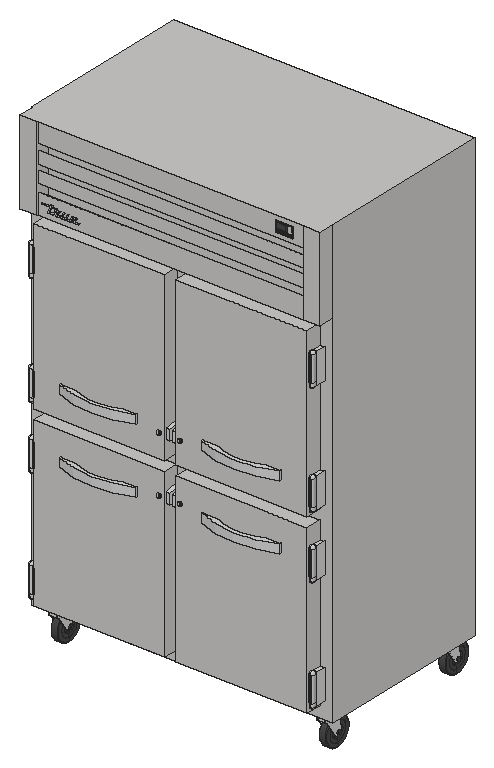
Revit family "QF_TRUE_STG2H-4HS", category Specialty Equipment, Revit 2012
Parameters
  Weight in Pounds = 0
  Watts = 3000 W
  Volts = 208 V
  URL Cutsheet = "www.truemfg.com"
  URL = "www.truemfg.com"
  Type Mark [instance] = ""
  Type Comments = ""
  Status [instance] = ""
  Specification by User [instance] = ""
  Specification by Manufacturer = ""
  Show Seismic Flanged [instance] = no
  Show Logo [instance] = yes
  Show Legs [instance] = no
  Show Clearance [instance] = yes
  Serial Number = ""
  Seismic Rating = ""
  Seismic Plate [instance] = and(Show Seismic Flanged, not(Show Casters))  # no
  SMACNA No = ""
  Revision Code [instance] = ""
  Phase = 1
  Omniclass Number and Title = ""
  Number of Poles [instance] = 1
  NAFEM Spec ID Number = ""
  Model = "STG2H-4HS"
  Min Ckt Ampacity = 0 A
  Max Overcurrent Protection = 0 A
  Masterspec = ""
  Manufacturer = "TRUE FOOD SERVICE EQUIPMENT, INC."
  Length = 52 5/8"
  Legs [instance] = or(Show Legs, Show Seismic Flanged)  # no
  Item Number [instance] = ""
  Installed By [instance] = ""
  Identify Quantity as Lot [instance] = yes
  Height = 77 3/4"
  HP = ""
  Furnished By [instance] = ""
  Foodservice Equipment Identifier [instance] = yes
  FL Amps = Watts / Volts  # 14.4231 A
  Electrical Remarks [instance] = "208-240/60/1"
  Electric Connection Type [instance] = ""
  Elec Conn RI Height [instance] = 0"
  Elec Conn Connection Height [instance] = 0"
  Description = "REACH-IN SOLID HALF SWING DOOR HEATED CABINETS WITH LED LIGHTING"
  Depth = 33 3/4"
  Cycle = 60 Hz
  Conn Plug = ""
  Conn Conduit = yes
  Show Casters [instance] = and(not(if(Show Legs, Show Legs, Show Legs)), not(if(Show Legs, Show Legs, Show Seismic Flanged)))  # yes
  CSI MasterFormat = ""
  CSI Master Format = ""
  Apparent Power = if(Phase = 3, Volts * FL Amps * 1.73, Volts * FL Amps)  # 3000 VA
Reference planes (in)
  plane 1 "BACK": y = 0
  plane 2: z = 0
  plane 3 "LEFT": x = 0
  plane 4 "RIGHT": x = 52.625
  plane 5 "FRONT": y = -33.75
  plane 6 "TOP": z = 84.125
  plane 7: z = 6.125
  plane 8: x = 26.3125
  plane 9: x = 3
  plane 10: x = 49.9375
  plane 11: y = -33.7042
  plane 12: x = 26.46875
  plane 13: y = -56.78125
Forms (in)
  Extrusion 1, solid, material "QF_Finishes_Stainless Steel"
    sketch origin (0.05, 0, 0) x (1, 0, 0) y (0, 1, 0)
      loop
        line (-0.05, 0) -> (-0.05, -31) -> (2.35625, -31) -> (2.35625, 0) -> (-0.05, 0)
    from 6.125 to 84.125
  Extrusion 2, solid, material "QF_Finishes_Stainless Steel"
    sketch origin (50.15, 0, 0) x (1, 0, 0) y (0, 1, 0)
      loop
        line (0.225, 0) -> (0.225, -31) -> (2.475, -31) -> (2.475, 0) -> (0.225, 0)
    from 6.125 to 84.125
  Extrusion 3, solid, material "QF_Finishes_Stainless Steel"
    sketch origin (0, 0, 0) x (0, 1, 0) y (0, 0, 1)
      loop
        line (-33.7042, 69.5) -> (-31, 69.5) -> (-31, 6.125) -> (0, 6.125) -> (0, 84.125) -> (-33.7042, 84.125) -> (-33.7042, 80.78078) -> (-31.5, 79.21352) -> (-31.5, 78.09125) -> (-33.7042, 79.65851) -> (-33.7042, 77.5248) -> (-31.5, 75.95754) -> (-31.5, 74.99678) -> (-33.7042, 76.56404) -> (-33.7042, 74.46784) -> (-31.5, 72.90057) -> (-31.5, 71.625) -> (-33.7042, 73.19226) -> (-33.7042, 69.5)
    from 2.25 to 50.375
  Extrusion 4, solid, material "QF_Finishes_Stainless Steel"
    sketch origin (0, 0, 0) x (1, 0, 0) y (0, 1, 0)
      loop
        line (52.54687, -31) -> (49.66032, -31) -> (49.66032, -33.75) -> (52.54687, -33.75) -> (52.54687, -31)
    from 69.5 to 84.125
  Extrusion 5, solid, material "QF_Finishes_Stainless Steel"
    sketch origin (-50.125, 0, 0.25) x (1, 0, 0) y (0, 1, 0)
      loop
        line (53.20984, -31) -> (50.20312, -31) -> (50.20312, -33.75) -> (53.20984, -33.75) -> (53.20984, -31)
    from 69.25 to 83.875
  Extrusion 6, solid, material "QF_Finishes_Stainless Steel"
    sketch origin (0, 0, -0.71875) x (1, 0, 0) y (0, 0, 1)
      loop
        line (2.4375, 68.6875) -> (2.4375, 39.59375) -> (25.375, 39.59375) -> (25.375, 68.6875) -> (2.4375, 68.6875)
      loop
        line (50.34375, 68.6875) -> (27.40625, 68.6875) -> (27.40625, 39.59375) -> (50.34375, 39.59375) -> (50.34375, 68.6875)
      loop
        line (2.4375, 8.75) -> (25.375, 8.75) -> (25.375, 37.84375) -> (2.4375, 37.84375) -> (2.4375, 8.75)
      loop
        line (27.40625, 8.75) -> (50.34375, 8.75) -> (50.34375, 37.84375) -> (27.40625, 37.84375) -> (27.40625, 8.75)
    from 31 to 33.75
  Extrusion 7, solid, material "QF_Finishes_Handrails and Railings"
    sketch origin (85.95, -0.25, 32.09144) x (1, 0, 0) y (0, 1, 0)
      loop
        line (-53.875, -33.5) -> (-53.875, -33.7)
        arc (-53.875, -33.7) -> (-47.075, -35.14405) -> (-40.275, -33.7) r 16.7325
        line (-40.275, -33.7) -> (-40.275, -33.5) -> (-42.675, -33.5)
        arc (-42.675, -33.5) -> (-47.075, -34.65816) -> (-51.475, -33.5) r 8.93715
        line (-51.475, -33.5) -> (-53.875, -33.5)
    from 10.87731 to 12.37731
  Extrusion 8, solid, material "QF_Finishes_Handrails and Railings"
    sketch origin (1.75, 0, 2.875) x (1, 0, 0) y (0, 0, 1)
      loop
        circle (22.6875, 40.0625) r 0.35
      loop
        line (22.65235, 40.33635) -> (22.65235, 39.76895) -> (22.70785, 39.76895) -> (22.70785, 40.33635) -> (22.65235, 40.33635)
      loop
        circle (26.3125, 40.0625) r 0.35
      loop
        line (26.34765, 40.33635) -> (26.29215, 40.33635) -> (26.29215, 39.76895) -> (26.34765, 39.76895) -> (26.34765, 40.33635)
    from 33.5 to 33.83066
  Extrusion 9, solid, material "QF_Finishes_Handrails and Railings", visible <- "Show Logo"
    sketch origin (0.33478, 1.08173, -6.73143) x (1, 0, 0) y (0, 0, 1)
      loop
        line (3.61669, 78.46231) -> (3.51103, 78.23573) -> (4.91652, 78.23573)
        arc (4.91652, 78.23573) -> (4.94504, 78.18528) -> (4.91652, 78.13484) r 0.05887
        line (4.91652, 78.13484) -> (4.54994, 77.34872)
        arc (4.54994, 77.34872) -> (4.54676, 77.27591) -> (4.596, 77.22217) r 0.09523
        line (4.596, 77.22217) -> (5.49469, 77.22217)
        arc (5.49469, 77.22217) -> (5.60817, 77.25795) -> (5.68061, 77.35235) r 0.19785
        line (5.68061, 77.35235) -> (5.9691, 77.97101) -> (6.23415, 77.97101)
        arc (6.23415, 77.97101) -> (6.30369, 77.94543) -> (6.29362, 77.87203) r 0.05911
        line (6.29362, 77.87203) -> (6.05223, 77.35437)
        arc (6.05223, 77.35437) -> (6.05599, 77.2684) -> (6.12856, 77.22217) r 0.09318
        line (6.12856, 77.22217) -> (6.91823, 77.22217)
        arc (6.91823, 77.22217) -> (6.97874, 77.24419) -> (7.01093, 77.29995) r 0.09412
        arc (7.01093, 77.29995) -> (7.03371, 77.24495) -> (7.08871, 77.22217) r 0.07778
        line (7.08871, 77.22217) -> (7.58871, 77.22217)
        arc (7.58871, 77.22217) -> (7.64647, 77.23765) -> (7.68876, 77.27993) r 0.11552
        arc (7.68876, 77.27993) -> (7.709, 77.23106) -> (7.75787, 77.21081) r 0.06912
        line (7.75787, 77.21081) -> (8.4685, 77.21081)
        arc (8.4685, 77.21081) -> (8.52659, 77.23488) -> (8.55066, 77.29297) r 0.08216
        arc (8.55066, 77.29297) -> (8.60392, 77.23972) -> (8.67667, 77.22022) r 0.14551
        line (8.67667, 77.22022) -> (10.00783, 77.22022) -> (10.15571, 77.47634) -> (8.81303, 77.47634)
        arc (8.81303, 77.47634) -> (8.77597, 77.50204) -> (8.77459, 77.54711) r 0.05009
        line (8.77459, 77.54711) -> (8.79782, 77.59692)
        arc (8.79782, 77.59692) -> (8.83348, 77.64364) -> (8.88952, 77.66135) r 0.09747
        line (8.88952, 77.66135) -> (9.3211, 77.66135)
        arc (9.3211, 77.66135) -> (9.41425, 77.68631) -> (9.48244, 77.7545) r 0.1863
        line (9.48244, 77.7545) -> (9.60744, 77.97101)
        arc (9.60744, 77.97101) -> (9.60744, 78.08657) -> (9.50736, 78.14434) r 0.11556
        line (9.50736, 78.14434) -> (9.05187, 78.14434)
        arc (9.05187, 78.14434) -> (8.93575, 78.12462) -> (8.85474, 78.03912) r 0.18605
        line (8.85474, 78.03912) -> (8.63829, 77.57493)
        arc (8.63829, 77.57493) -> (8.5744, 77.49167) -> (8.47431, 77.46011) r 0.1745
        line (8.47431, 77.46011) -> (8.00184, 77.46011)
        arc (8.00184, 77.46011) -> (7.94528, 77.52184) -> (7.94893, 77.60548) r 0.10939
        line (7.94893, 77.60548) -> (8.2002, 78.14434) -> (8.04028, 78.14434) -> (7.77406, 77.57344)
        arc (7.77406, 77.57344) -> (7.72234, 77.50603) -> (7.6413, 77.48048) r 0.14128
        line (7.6413, 77.48048) -> (7.3155, 77.48048)
        arc (7.3155, 77.48048) -> (7.26044, 77.55223) -> (7.27225, 77.64189) r 0.11816
        line (7.27225, 77.64189) -> (7.50655, 78.14434) -> (7.34139, 78.14434) -> (7.07171, 77.566)
        arc (7.07171, 77.566) -> (7.0091, 77.50339) -> (6.92358, 77.48048) r 0.17104
        line (6.92358, 77.48048) -> (6.4518, 77.48048)
        arc (6.4518, 77.48048) -> (6.36707, 77.51999) -> (6.35892, 77.61313) r 0.0935
        line (6.35892, 77.61313) -> (6.51399, 77.94569) -> (6.7332, 77.94569)
        arc (6.7332, 77.94569) -> (6.7702, 78.05717) -> (6.84892, 78.14434) r 0.2857
        line (6.84892, 78.14434) -> (5.9923, 78.14434)
        arc (5.9923, 78.14434) -> (5.89711, 78.12324) -> (5.83123, 78.05135) r 0.16212
        line (5.83123, 78.05135) -> (5.59904, 77.55341)
        arc (5.59904, 77.55341) -> (5.54565, 77.50002) -> (5.47272, 77.48048) r 0.14586
        line (5.47272, 77.48048) -> (4.96131, 77.48048)
        arc (4.96131, 77.48048) -> (4.92139, 77.53442) -> (4.92899, 77.60109) r 0.09155
        line (4.92899, 77.60109) -> (5.26643, 78.23573) -> (6.1178, 78.23573) -> (6.22346, 78.46231) -> (5.37209, 78.46231) -> (5.47774, 78.68888) -> (5.17487, 78.68888) -> (5.06922, 78.46231) -> (3.61669, 78.46231)
      loop
        arc (8.9943, 77.93863) -> (8.95744, 77.92875) -> (8.93045, 77.90176) r 0.07373
        line (8.93045, 77.90176) -> (8.90854, 77.83436)
        arc (8.90854, 77.83436) -> (8.9187, 77.80983) -> (8.94324, 77.79966) r 0.0347
        line (8.94324, 77.79966) -> (9.31573, 77.79966)
        arc (9.31573, 77.79966) -> (9.34257, 77.80561) -> (9.36437, 77.82234) r 0.0635
        line (9.36437, 77.82234) -> (9.38249, 77.90622)
        arc (9.38249, 77.90622) -> (9.37716, 77.92868) -> (9.35634, 77.93863) r 0.02676
        line (9.35634, 77.93863) -> (8.9943, 77.93863)
    from 34.76797 to 34.83173
  Extrusion 10, solid
    sketch origin (0, 0, 0) x (1, 0, 0) y (0, 0, 1)
      loop
        circle (49.53125, 82) r 0.25
    from 0 to 0.0625
  Extrusion 11, solid, material "QF_Finishes_Handrails and Railings"
    sketch origin (-33.16875, -0.25, 32.09144) x (1, 0, 0) y (0, 1, 0)
      loop
        line (53.71875, -33.5) -> (51.31875, -33.5)
        arc (51.31875, -33.5) -> (47.075, -34.58228) -> (42.83125, -33.5) r 8.86127
        line (42.83125, -33.5) -> (40.43125, -33.5) -> (40.43125, -33.7)
        arc (40.43125, -33.7) -> (47.075, -35.08117) -> (53.71875, -33.7) r 16.66961
        line (53.71875, -33.7) -> (53.71875, -33.5)
    from 10.87731 to 12.37731
  Blend 12, solid, material "QF_Finishes_Handrails and Railings"
    base sketch origin (0.125, 0, 4.875) x (1, 0, 0) y (0, 0, 1)
      loop
        line (25.25, 38.99169) -> (25.25, 37.24169) -> (26, 37.24169) -> (26, 38.99169) -> (25.25, 38.99169)
    top sketch origin (0.125, 0, 4.875) x (1, 0, 0) y (0, 0, 1)
      loop
        line (26.18223, 36.6441) -> (26.18223, 39.42643) -> (25.25, 39.42643) -> (25.25, 36.6441) -> (26.18223, 36.6441)
    from 33.57883 to 31
  Blend 13, solid, material "QF_Finishes_Handrails and Railings"
    base sketch origin (52.65625, 0, 4.875) x (-1, 0, 0) y (0, 0, -1)
      loop
        line (25.25, -38.99169) -> (26, -38.99169) -> (26, -37.24169) -> (25.25, -37.24169) -> (25.25, -38.99169)
    top sketch origin (52.65625, 0, 4.875) x (-1, 0, 0) y (0, 0, -1)
      loop
        line (26.18223, -36.6441) -> (25.25, -36.6441) -> (25.25, -39.42643) -> (26.18223, -39.42643) -> (26.18223, -36.6441)
    from 33.57883 to 31
  Extrusion 14, solid, material "QF_Finishes_Handrails and Railings"
    sketch origin (1.28125, 0, 0) x (0, 1, 0) y (0, 0, 1)
      loop
        line (-31, 64.55229) -> (-32.61044, 64.55229)
        arc (-32.61044, 64.55229) -> (-32.75506, 64.49238) -> (-32.81497, 64.34776) r 0.20453
        line (-32.81497, 64.34776) -> (-32.81497, 59.94848) -> (-33.25, 59.94848) -> (-33.25, 59.23627) -> (-31, 59.23627) -> (-31, 64.55229)
    from 0.17506 to 1
  Revolve 15, solid, material "QF_Finishes_Handrails and Railings"
    sketch origin (1.78125, 0, 0) x (0, 1, 0) y (0, 0, 1)
      loop
        line (-33.26563, 60.00189) -> (-33.26563, 64.81483)
        arc (-33.26563, 64.81483) -> (-33.53722, 64.72557) -> (-33.67229, 64.4736) r 0.3848
        line (-33.67229, 64.4736) -> (-33.67229, 60.00189) -> (-33.26563, 60.00189)
      loop
        line (-33.26563, 59.94848) -> (-33.67229, 59.94848) -> (-33.67229, 59.37712)
        arc (-33.67229, 59.37712) -> (-33.53264, 59.13383) -> (-33.26563, 59.04781) r 0.38884
        line (-33.26563, 59.04781) -> (-33.26563, 59.94848)
      axis (-33.26563, 59.04781) -> (-33.26563, 64.81483)
    angle from 0 to 360
  Extrusion 16, solid, material "QF_Finishes_Handrails and Railings"
    sketch origin (-0.03125, 0, 0) x (1, 0, 0) y (0, 0, 1)
      loop
        line (2.07116, 64.4736) -> (2.07116, 60.00079) -> (2.46875, 60.00079) -> (2.46875, 64.4736) -> (2.07116, 64.4736)
    from 32.81497 to 33.59495
  Extrusion 17, solid, material "QF_Finishes_Handrails and Railings"
    sketch origin (1.28125, 0, -19.5) x (0, 1, 0) y (0, 0, 1)
      loop
        line (-31, 64.55229) -> (-32.61044, 64.55229)
        arc (-32.61044, 64.55229) -> (-32.75506, 64.49238) -> (-32.81497, 64.34776) r 0.20453
        line (-32.81497, 64.34776) -> (-32.81497, 59.94848) -> (-33.25, 59.94848) -> (-33.25, 59.23627) -> (-31, 59.23627) -> (-31, 64.55229)
    from 0.17506 to 1
  Revolve 18, solid, material "QF_Finishes_Handrails and Railings"
    sketch origin (1.78125, 0, -19.5) x (0, 1, 0) y (0, 0, 1)
      loop
        line (-33.26563, 60.00189) -> (-33.26563, 64.81483)
        arc (-33.26563, 64.81483) -> (-33.53722, 64.72557) -> (-33.67229, 64.4736) r 0.3848
        line (-33.67229, 64.4736) -> (-33.67229, 60.00189) -> (-33.26563, 60.00189)
      loop
        line (-33.26563, 59.94848) -> (-33.67229, 59.94848) -> (-33.67229, 59.37712)
        arc (-33.67229, 59.37712) -> (-33.53264, 59.13383) -> (-33.26563, 59.04781) r 0.38884
        line (-33.26563, 59.04781) -> (-33.26563, 59.94848)
      axis (-33.26563, 59.04781) -> (-33.26563, 64.81483)
    angle from 0 to 360
  Extrusion 19, solid, material "QF_Finishes_Handrails and Railings"
    sketch origin (-0.03125, 0, -19.5) x (1, 0, 0) y (0, 0, 1)
      loop
        line (2.07116, 64.4736) -> (2.07116, 60.00079) -> (2.46875, 60.00079) -> (2.46875, 64.4736) -> (2.07116, 64.4736)
    from 32.81497 to 33.59495
  Extrusion 20, solid, material "QF_Finishes_Handrails and Railings"
    sketch origin (1.28125, 0, -30.5) x (0, 1, 0) y (0, 0, 1)
      loop
        line (-31, 64.55229) -> (-32.61044, 64.55229)
        arc (-32.61044, 64.55229) -> (-32.75506, 64.49238) -> (-32.81497, 64.34776) r 0.20453
        line (-32.81497, 64.34776) -> (-32.81497, 59.94848) -> (-33.25, 59.94848) -> (-33.25, 59.23627) -> (-31, 59.23627) -> (-31, 64.55229)
    from 0.17506 to 1
  Revolve 21, solid, material "QF_Finishes_Handrails and Railings"
    sketch origin (1.78125, 0, -30.5) x (0, 1, 0) y (0, 0, 1)
      loop
        line (-33.26563, 60.00189) -> (-33.26563, 64.81483)
        arc (-33.26563, 64.81483) -> (-33.53722, 64.72557) -> (-33.67229, 64.4736) r 0.3848
        line (-33.67229, 64.4736) -> (-33.67229, 60.00189) -> (-33.26563, 60.00189)
      loop
        line (-33.26563, 59.94848) -> (-33.67229, 59.94848) -> (-33.67229, 59.37712)
        arc (-33.67229, 59.37712) -> (-33.53264, 59.13383) -> (-33.26563, 59.04781) r 0.38884
        line (-33.26563, 59.04781) -> (-33.26563, 59.94848)
      axis (-33.26563, 59.04781) -> (-33.26563, 64.81483)
    angle from 0 to 360
  Extrusion 22, solid, material "QF_Finishes_Handrails and Railings"
    sketch origin (-0.03125, 0, -30.5) x (1, 0, 0) y (0, 0, 1)
      loop
        line (2.07116, 64.4736) -> (2.07116, 60.00079) -> (2.46875, 60.00079) -> (2.46875, 64.4736) -> (2.07116, 64.4736)
    from 32.81497 to 33.59495
  Extrusion 23, solid, material "QF_Finishes_Handrails and Railings"
    sketch origin (1.28125, 0, -50.25) x (0, 1, 0) y (0, 0, 1)
      loop
        line (-31, 64.55229) -> (-32.61044, 64.55229)
        arc (-32.61044, 64.55229) -> (-32.75506, 64.49238) -> (-32.81497, 64.34776) r 0.20453
        line (-32.81497, 64.34776) -> (-32.81497, 59.94848) -> (-33.25, 59.94848) -> (-33.25, 59.23627) -> (-31, 59.23627) -> (-31, 64.55229)
    from 0.17506 to 1
  Revolve 24, solid, material "QF_Finishes_Handrails and Railings"
    sketch origin (1.78125, 0, -50.25) x (0, 1, 0) y (0, 0, 1)
      loop
        line (-33.26563, 60.00189) -> (-33.26563, 64.81483)
        arc (-33.26563, 64.81483) -> (-33.53722, 64.72557) -> (-33.67229, 64.4736) r 0.3848
        line (-33.67229, 64.4736) -> (-33.67229, 60.00189) -> (-33.26563, 60.00189)
      loop
        line (-33.26563, 59.94848) -> (-33.67229, 59.94848) -> (-33.67229, 59.37712)
        arc (-33.67229, 59.37712) -> (-33.53264, 59.13383) -> (-33.26563, 59.04781) r 0.38884
        line (-33.26563, 59.04781) -> (-33.26563, 59.94848)
      axis (-33.26563, 59.04781) -> (-33.26563, 64.81483)
    angle from 0 to 360
  Extrusion 25, solid, material "QF_Finishes_Handrails and Railings"
    sketch origin (-0.03125, 0, -50.25) x (1, 0, 0) y (0, 0, 1)
      loop
        line (2.07116, 64.4736) -> (2.07116, 60.00079) -> (2.46875, 60.00079) -> (2.46875, 64.4736) -> (2.07116, 64.4736)
    from 32.81497 to 33.59495
  Extrusion 26, solid, material "QF_Finishes_Handrails and Railings"
    sketch origin (51.34375, 0, 0) x (0, 1, 0) y (0, 0, -1)
      loop
        line (-31, -64.55229) -> (-31, -59.23627) -> (-33.25, -59.23627) -> (-33.25, -59.94848) -> (-32.81497, -59.94848) -> (-32.81497, -64.34776)
        arc (-32.81497, -64.34776) -> (-32.75506, -64.49238) -> (-32.61044, -64.55229) r 0.20453
        line (-32.61044, -64.55229) -> (-31, -64.55229)
    from 0.17506 to 1
  Revolve 27, solid, material "QF_Finishes_Handrails and Railings"
    sketch origin (50.84375, 0, 0) x (0, 1, 0) y (0, 0, -1)
      loop
        line (-33.26563, -60.00189) -> (-33.67229, -60.00189) -> (-33.67229, -64.4736)
        arc (-33.67229, -64.4736) -> (-33.53722, -64.72557) -> (-33.26563, -64.81483) r 0.3848
        line (-33.26563, -64.81483) -> (-33.26563, -60.00189)
      loop
        line (-33.26563, -59.94848) -> (-33.26563, -59.04781)
        arc (-33.26563, -59.04781) -> (-33.53264, -59.13383) -> (-33.67229, -59.37712) r 0.38884
        line (-33.67229, -59.37712) -> (-33.67229, -59.94848) -> (-33.26563, -59.94848)
      axis (-33.26563, -59.04781) -> (-33.26563, -64.81483)
    angle from 0 to 360
  Extrusion 28, solid, material "QF_Finishes_Handrails and Railings"
    sketch origin (52.65625, 0, 0) x (-1, 0, 0) y (0, 0, -1)
      loop
        line (1.75866, -64.4736) -> (2.15625, -64.4736) -> (2.15625, -60.00079) -> (1.75866, -60.00079) -> (1.75866, -64.4736)
    from 32.81497 to 33.59495
  Extrusion 29, solid, material "QF_Finishes_Handrails and Railings"
    sketch origin (51.34375, 0, -19.5) x (0, 1, 0) y (0, 0, -1)
      loop
        line (-31, -64.55229) -> (-31, -59.23627) -> (-33.25, -59.23627) -> (-33.25, -59.94848) -> (-32.81497, -59.94848) -> (-32.81497, -64.34776)
        arc (-32.81497, -64.34776) -> (-32.75506, -64.49238) -> (-32.61044, -64.55229) r 0.20453
        line (-32.61044, -64.55229) -> (-31, -64.55229)
    from 0.17506 to 1
  Revolve 30, solid, material "QF_Finishes_Handrails and Railings"
    sketch origin (50.84375, 0, -19.5) x (0, 1, 0) y (0, 0, -1)
      loop
        line (-33.26563, -60.00189) -> (-33.67229, -60.00189) -> (-33.67229, -64.4736)
        arc (-33.67229, -64.4736) -> (-33.53722, -64.72557) -> (-33.26563, -64.81483) r 0.3848
        line (-33.26563, -64.81483) -> (-33.26563, -60.00189)
      loop
        line (-33.26563, -59.94848) -> (-33.26563, -59.04781)
        arc (-33.26563, -59.04781) -> (-33.53264, -59.13383) -> (-33.67229, -59.37712) r 0.38884
        line (-33.67229, -59.37712) -> (-33.67229, -59.94848) -> (-33.26563, -59.94848)
      axis (-33.26563, -59.04781) -> (-33.26563, -64.81483)
    angle from 0 to 360
  Extrusion 31, solid, material "QF_Finishes_Handrails and Railings"
    sketch origin (52.65625, 0, -19.5) x (-1, 0, 0) y (0, 0, -1)
      loop
        line (1.75866, -64.4736) -> (2.15625, -64.4736) -> (2.15625, -60.00079) -> (1.75866, -60.00079) -> (1.75866, -64.4736)
    from 32.81497 to 33.59495
  Extrusion 32, solid, material "QF_Finishes_Handrails and Railings"
    sketch origin (51.34375, 0, -30.5) x (0, 1, 0) y (0, 0, -1)
      loop
        line (-31, -64.55229) -> (-31, -59.23627) -> (-33.25, -59.23627) -> (-33.25, -59.94848) -> (-32.81497, -59.94848) -> (-32.81497, -64.34776)
        arc (-32.81497, -64.34776) -> (-32.75506, -64.49238) -> (-32.61044, -64.55229) r 0.20453
        line (-32.61044, -64.55229) -> (-31, -64.55229)
    from 0.17506 to 1
  Revolve 33, solid, material "QF_Finishes_Handrails and Railings"
    sketch origin (50.84375, 0, -30.5) x (0, 1, 0) y (0, 0, -1)
      loop
        line (-33.26563, -60.00189) -> (-33.67229, -60.00189) -> (-33.67229, -64.4736)
        arc (-33.67229, -64.4736) -> (-33.53722, -64.72557) -> (-33.26563, -64.81483) r 0.3848
        line (-33.26563, -64.81483) -> (-33.26563, -60.00189)
      loop
        line (-33.26563, -59.94848) -> (-33.26563, -59.04781)
        arc (-33.26563, -59.04781) -> (-33.53264, -59.13383) -> (-33.67229, -59.37712) r 0.38884
        line (-33.67229, -59.37712) -> (-33.67229, -59.94848) -> (-33.26563, -59.94848)
      axis (-33.26563, -59.04781) -> (-33.26563, -64.81483)
    angle from 0 to 360
  Extrusion 34, solid, material "QF_Finishes_Handrails and Railings"
    sketch origin (52.65625, 0, -30.5) x (-1, 0, 0) y (0, 0, -1)
      loop
        line (1.75866, -64.4736) -> (2.15625, -64.4736) -> (2.15625, -60.00079) -> (1.75866, -60.00079) -> (1.75866, -64.4736)
    from 32.81497 to 33.59495
  Extrusion 35, solid, material "QF_Finishes_Handrails and Railings"
    sketch origin (51.34375, 0, -50.25) x (0, 1, 0) y (0, 0, -1)
      loop
        line (-31, -64.55229) -> (-31, -59.23627) -> (-33.25, -59.23627) -> (-33.25, -59.94848) -> (-32.81497, -59.94848) -> (-32.81497, -64.34776)
        arc (-32.81497, -64.34776) -> (-32.75506, -64.49238) -> (-32.61044, -64.55229) r 0.20453
        line (-32.61044, -64.55229) -> (-31, -64.55229)
    from 0.17506 to 1
  Revolve 36, solid, material "QF_Finishes_Handrails and Railings"
    sketch origin (50.84375, 0, -50.25) x (0, 1, 0) y (0, 0, -1)
      loop
        line (-33.26563, -60.00189) -> (-33.67229, -60.00189) -> (-33.67229, -64.4736)
        arc (-33.67229, -64.4736) -> (-33.53722, -64.72557) -> (-33.26563, -64.81483) r 0.3848
        line (-33.26563, -64.81483) -> (-33.26563, -60.00189)
      loop
        line (-33.26563, -59.94848) -> (-33.26563, -59.04781)
        arc (-33.26563, -59.04781) -> (-33.53264, -59.13383) -> (-33.67229, -59.37712) r 0.38884
        line (-33.67229, -59.37712) -> (-33.67229, -59.94848) -> (-33.26563, -59.94848)
      axis (-33.26563, -59.04781) -> (-33.26563, -64.81483)
    angle from 0 to 360
  Extrusion 37, solid, material "QF_Finishes_Handrails and Railings"
    sketch origin (52.65625, 0, -50.25) x (-1, 0, 0) y (0, 0, -1)
      loop
        line (1.75866, -64.4736) -> (2.15625, -64.4736) -> (2.15625, -60.00079) -> (1.75866, -60.00079) -> (1.75866, -64.4736)
    from 32.81497 to 33.59495
  Revolve 38, solid, material "QF_Finishes_Black", visible <- "Show Casters"
    sketch origin (47.78125, -27.375, 0) x (1, 0, 0) y (0, 0, 1)
      loop
        line (1.63125, 5) -> (1.53125, 4.9) -> (1.53125, 4.29941) -> (1.69226, 4.29941) -> (1.69226, 3.54941) -> (1.53125, 3.54941) -> (1.53125, 2.79941) -> (1.13125, 2.79941) -> (1.13125, 2.5) -> (3.18125, 2.5) -> (3.18125, 2.79941) -> (2.78533, 2.79941) -> (2.78533, 3.54941) -> (2.62024, 3.54941) -> (2.62024, 4.29941) -> (2.78533, 4.29941) -> (2.78533, 4.89592) -> (2.68125, 5) -> (1.63125, 5)
      axis (3.18125, 2.5) -> (1.13125, 2.5)
    angle from 0 to 360
  Extrusion 39, solid, material "QF_Finishes_Handrails and Railings", visible <- "Show Casters"
    sketch origin (47.78125, 0, 0) x (0, 1, 0) y (0, 0, 1)
      loop
        line (-29.95136, 5.48574) -> (-29.95136, 4.88089) -> (-29.70136, 4.88089) -> (-27.95216, 2.18736)
        arc (-27.95216, 2.18736) -> (-27.23883, 1.94868) -> (-26.84581, 2.59003) r 0.60416
        line (-26.84581, 2.59003) -> (-27.20136, 5.48574) -> (-29.95136, 5.48574)
      loop
        line (-3.8577, 5.48574) -> (-3.8577, 4.88089) -> (-3.6077, 4.88089) -> (-1.8585, 2.18736)
        arc (-1.8585, 2.18736) -> (-1.14517, 1.94868) -> (-0.75215, 2.59003) r 0.60416
        line (-0.75215, 2.59003) -> (-1.1077, 5.48574) -> (-3.8577, 5.48574)
    from 1.175 to 1.325
  Extrusion 40, solid, material "QF_Finishes_Handrails and Railings", visible <- "Show Casters"
    sketch origin (49.28125, 0, 0) x (0, 1, 0) y (0, 0, 1)
      loop
        line (-29.95136, 5.48574) -> (-29.95136, 4.88089) -> (-29.70136, 4.88089) -> (-27.95216, 2.18736)
        arc (-27.95216, 2.18736) -> (-27.23883, 1.94868) -> (-26.84581, 2.59003) r 0.60416
        line (-26.84581, 2.59003) -> (-27.20136, 5.48574) -> (-29.95136, 5.48574)
      loop
        line (-3.8577, 5.48574) -> (-3.8577, 4.88089) -> (-3.6077, 4.88089) -> (-1.8585, 2.18736)
        arc (-1.8585, 2.18736) -> (-1.14517, 1.94868) -> (-0.75215, 2.59003) r 0.60416
        line (-0.75215, 2.59003) -> (-1.1077, 5.48574) -> (-3.8577, 5.48574)
    from 1.175 to 1.325
  Revolve 41, solid, material "QF_Finishes_Chrome - Satin", visible <- "Show Casters"
    sketch origin (47.78125, -28.5625, -0.5) x (1, 0, 0) y (0, 0, 1)
      loop
        line (2.15625, 5.99546) -> (2.15625, 6.62359) -> (0.85918, 6.62359) -> (0.85918, 5.99546) -> (2.15625, 5.99546)
      axis (2.15625, 5.99546) -> (2.15625, 6.62359)
    angle from 0 to 360
  Revolve 42, solid, material "QF_Finishes_Chrome - Satin", visible <- "Legs"
    sketch origin (47.78125, -2.69102, 0) x (1, 0, 0) y (0, 0, 1)
      loop
        line (2.15625, 6.125) -> (0.82287, 6.125) -> (1.40625, 1) -> (1.65625, 1) -> (1.65625, 0) -> (2.15625, 0) -> (2.15625, 6.125)
      axis (2.15625, 0) -> (2.15625, 6.125)
    angle from 0 to 360
  Revolve 43, solid, material "QF_Finishes_Chrome - Satin", visible <- "Legs"
    sketch origin (47.78125, -28.65977, 0) x (1, 0, 0) y (0, 0, 1)
      loop
        line (2.15625, 6.125) -> (0.82287, 6.125) -> (1.40625, 1) -> (1.65625, 1) -> (1.65625, 0) -> (2.15625, 0) -> (2.15625, 6.125)
      axis (2.15625, 0) -> (2.15625, 6.125)
    angle from 0 to 360
  Revolve 44, solid, material "QF_Finishes_Chrome - Satin", visible <- "Show Casters"
    sketch origin (47.78125, -2.70321, -0.5) x (1, 0, 0) y (0, 0, 1)
      loop
        line (2.15625, 5.99546) -> (2.15625, 6.62359) -> (0.85918, 6.62359) -> (0.85918, 5.99546) -> (2.15625, 5.99546)
      axis (2.15625, 5.99546) -> (2.15625, 6.62359)
    angle from 0 to 360
  Extrusion 45, solid, material "QF_Finishes_Handrails and Railings", visible <- "Show Casters"
    sketch origin (0, 0, 0) x (0, 1, 0) y (0, 0, 1)
      loop
        line (-29.95136, 5.48574) -> (-29.95136, 4.88089) -> (-29.70136, 4.88089) -> (-27.16533, 5.19227) -> (-27.20136, 5.48574) -> (-29.95136, 5.48574)
      loop
        line (-3.8577, 5.48574) -> (-3.8577, 4.88089) -> (-3.6077, 4.88089) -> (-1.07167, 5.19227) -> (-1.1077, 5.48574) -> (-3.8577, 5.48574)
    from 49.10625 to 50.45625
  Revolve 46, solid, material "QF_Finishes_Black", visible <- "Show Casters"
    sketch origin (47.78125, -1.21875, 0) x (1, 0, 0) y (0, 0, 1)
      loop
        line (1.63125, 5) -> (1.53125, 4.9) -> (1.53125, 4.29941) -> (1.69226, 4.29941) -> (1.69226, 3.54941) -> (1.53125, 3.54941) -> (1.53125, 2.79941) -> (1.13125, 2.79941) -> (1.13125, 2.5) -> (3.18125, 2.5) -> (3.18125, 2.79941) -> (2.78533, 2.79941) -> (2.78533, 3.54941) -> (2.62024, 3.54941) -> (2.62024, 4.29941) -> (2.78533, 4.29941) -> (2.78533, 4.89592) -> (2.68125, 5) -> (1.63125, 5)
      axis (3.18125, 2.5) -> (1.13125, 2.5)
    angle from 0 to 360
  Revolve 47, solid, material "QF_Finishes_Black", visible <- "Show Casters"
    sketch origin (0.84375, -27.375, 0) x (1, 0, 0) y (0, 0, 1)
      loop
        line (1.63125, 5) -> (1.53125, 4.9) -> (1.53125, 4.29941) -> (1.69226, 4.29941) -> (1.69226, 3.54941) -> (1.53125, 3.54941) -> (1.53125, 2.79941) -> (0.975, 2.79941) -> (0.975, 2.5) -> (3.18125, 2.5) -> (3.18125, 2.79941) -> (2.78533, 2.79941) -> (2.78533, 3.54941) -> (2.62024, 3.54941) -> (2.62024, 4.29941) -> (2.78533, 4.29941) -> (2.78533, 4.89592) -> (2.68125, 5) -> (1.63125, 5)
      axis (3.18125, 2.5) -> (0.975, 2.5)
    angle from 0 to 360
  Extrusion 48, solid, material "QF_Finishes_Handrails and Railings", visible <- "Show Casters"
    sketch origin (0.84375, 0, 0) x (0, 1, 0) y (0, 0, 1)
      loop
        line (-29.95136, 5.48574) -> (-29.95136, 4.88089) -> (-29.70136, 4.88089) -> (-27.95216, 2.18736)
        arc (-27.95216, 2.18736) -> (-27.23883, 1.94868) -> (-26.84581, 2.59003) r 0.60416
        line (-26.84581, 2.59003) -> (-27.20136, 5.48574) -> (-29.95136, 5.48574)
      loop
        line (-3.8577, 5.48574) -> (-3.8577, 4.88089) -> (-3.6077, 4.88089) -> (-1.8585, 2.18736)
        arc (-1.8585, 2.18736) -> (-1.14517, 1.94868) -> (-0.75215, 2.59003) r 0.60416
        line (-0.75215, 2.59003) -> (-1.1077, 5.48574) -> (-3.8577, 5.48574)
    from 1.175 to 1.325
  Extrusion 49, solid, material "QF_Finishes_Handrails and Railings", visible <- "Show Casters"
    sketch origin (2.34375, 0, 0) x (0, 1, 0) y (0, 0, 1)
      loop
        line (-29.95136, 5.48574) -> (-29.95136, 4.88089) -> (-29.70136, 4.88089) -> (-27.95216, 2.18736)
        arc (-27.95216, 2.18736) -> (-27.23883, 1.94868) -> (-26.84581, 2.59003) r 0.60416
        line (-26.84581, 2.59003) -> (-27.20136, 5.48574) -> (-29.95136, 5.48574)
      loop
        line (-3.8577, 5.48574) -> (-3.8577, 4.88089) -> (-3.6077, 4.88089) -> (-1.8585, 2.18736)
        arc (-1.8585, 2.18736) -> (-1.14517, 1.94868) -> (-0.75215, 2.59003) r 0.60416
        line (-0.75215, 2.59003) -> (-1.1077, 5.48574) -> (-3.8577, 5.48574)
    from 1.175 to 1.325
  Revolve 50, solid, material "QF_Finishes_Chrome - Satin", visible <- "Show Casters"
    sketch origin (0.84375, -28.5625, -0.5) x (1, 0, 0) y (0, 0, 1)
      loop
        line (2.15625, 5.99546) -> (2.15625, 6.62359) -> (0.85918, 6.62359) -> (0.85918, 5.99546) -> (2.15625, 5.99546)
      axis (2.15625, 5.99546) -> (2.15625, 6.62359)
    angle from 0 to 360
  Revolve 51, solid, material "QF_Finishes_Chrome - Satin", visible <- "Legs"
    sketch origin (0.84375, -2.69102, 0) x (1, 0, 0) y (0, 0, 1)
      loop
        line (2.15625, 6.125) -> (0.82287, 6.125) -> (1.40625, 1) -> (1.65625, 1) -> (1.65625, 0) -> (2.15625, 0) -> (2.15625, 6.125)
      axis (2.15625, 0) -> (2.15625, 6.125)
    angle from 0 to 360
  Revolve 52, solid, material "QF_Finishes_Chrome - Satin", visible <- "Legs"
    sketch origin (0.84375, -28.65977, 0) x (1, 0, 0) y (0, 0, 1)
      loop
        line (2.15625, 6.125) -> (0.82287, 6.125) -> (1.40625, 1) -> (1.65625, 1) -> (1.65625, 0) -> (2.15625, 0) -> (2.15625, 6.125)
      axis (2.15625, 0) -> (2.15625, 6.125)
    angle from 0 to 360
  Revolve 53, solid, material "QF_Finishes_Chrome - Satin", visible <- "Show Casters"
    sketch origin (0.84375, -2.70321, -0.5) x (1, 0, 0) y (0, 0, 1)
      loop
        line (2.15625, 5.99546) -> (2.15625, 6.62359) -> (0.85918, 6.62359) -> (0.85918, 5.99546) -> (2.15625, 5.99546)
      axis (2.15625, 5.99546) -> (2.15625, 6.62359)
    angle from 0 to 360
  Extrusion 54, solid, material "QF_Finishes_Handrails and Railings", visible <- "Show Casters"
    sketch origin (-46.9375, 0, 0) x (0, 1, 0) y (0, 0, 1)
      loop
        line (-29.95136, 5.48574) -> (-29.95136, 4.88089) -> (-29.70136, 4.88089) -> (-27.16533, 5.19227) -> (-27.20136, 5.48574) -> (-29.95136, 5.48574)
      loop
        line (-3.8577, 5.48574) -> (-3.8577, 4.88089) -> (-3.6077, 4.88089) -> (-1.07167, 5.19227) -> (-1.1077, 5.48574) -> (-3.8577, 5.48574)
    from 49.10625 to 50.45625
  Revolve 55, solid, material "QF_Finishes_Black", visible <- "Show Casters"
    sketch origin (0.84375, -1.21875, 0) x (1, 0, 0) y (0, 0, 1)
      loop
        line (1.63125, 5) -> (1.53125, 4.9) -> (1.53125, 4.29941) -> (1.69226, 4.29941) -> (1.69226, 3.54941) -> (1.53125, 3.54941) -> (1.53125, 2.79941) -> (0.975, 2.79941) -> (0.975, 2.5) -> (3.18125, 2.5) -> (3.18125, 2.79941) -> (2.78533, 2.79941) -> (2.78533, 3.54941) -> (2.62024, 3.54941) -> (2.62024, 4.29941) -> (2.78533, 4.29941) -> (2.78533, 4.89592) -> (2.68125, 5) -> (1.63125, 5)
      axis (3.18125, 2.5) -> (0.975, 2.5)
    angle from 0 to 360
  Extrusion 56, solid, material "QF_Finishes_White"
    sketch origin (1.49925, 1.06376, 1.58022) x (1, 0, 0) y (0, 0, 1)
      loop
        line (43.31732, 81.73227) -> (43.31732, 79.98496) -> (46.22357, 79.98496) -> (46.22357, 81.73227) -> (43.31732, 81.73227)
    from 34.75 to 34.76797
  Extrusion 57, solid, material "QF_Finishes_Black"
    sketch origin (1.49925, 1.06376, 1.58022) x (1, 0, 0) y (0, 0, 1)
      loop
        line (46.28607, 81.79477) -> (43.25482, 81.79477) -> (43.25482, 79.92246) -> (46.28607, 79.92246) -> (46.28607, 81.79477)
      loop
        spline (43.45482, 80.25372) -> (43.46333, 80.23754) -> (43.48831, 80.22247) -> (43.52804, 80.20952) -> (43.57982, 80.19959) -> (43.64011, 80.19335) -> (43.70482, 80.19122) -> (43.76952, 80.19335) -> (43.82982, 80.19959) -> (43.88159, 80.20952) -> (43.92132, 80.22247) -> (43.9463, 80.23754) -> (43.95482, 80.25372)
        spline (43.95482, 80.25372) -> (43.9463, 80.26989) -> (43.92132, 80.28497) -> (43.88159, 80.29791) -> (43.82982, 80.30784) -> (43.76952, 80.31409) -> (43.70482, 80.31622) -> (43.64011, 80.31409) -> (43.57982, 80.30784) -> (43.52804, 80.29791) -> (43.48831, 80.28497) -> (43.46333, 80.26989) -> (43.45482, 80.25372)
      loop
        spline (44.15083, 80.25372) -> (44.15935, 80.23754) -> (44.18432, 80.22247) -> (44.22405, 80.20952) -> (44.27583, 80.19959) -> (44.33612, 80.19335) -> (44.40083, 80.19122) -> (44.46553, 80.19335) -> (44.52583, 80.19959) -> (44.57761, 80.20952) -> (44.61734, 80.22247) -> (44.64231, 80.23754) -> (44.65083, 80.25372)
        spline (44.65083, 80.25372) -> (44.64231, 80.26989) -> (44.61734, 80.28497) -> (44.57761, 80.29791) -> (44.52583, 80.30784) -> (44.46553, 80.31409) -> (44.40083, 80.31622) -> (44.33612, 80.31409) -> (44.27583, 80.30784) -> (44.22405, 80.29791) -> (44.18432, 80.28497) -> (44.15935, 80.26989) -> (44.15083, 80.25372)
      loop
        spline (44.90083, 80.25372) -> (44.90935, 80.23754) -> (44.93432, 80.22247) -> (44.97405, 80.20952) -> (45.02583, 80.19959) -> (45.08612, 80.19335) -> (45.15083, 80.19122) -> (45.21553, 80.19335) -> (45.27583, 80.19959) -> (45.32761, 80.20952) -> (45.36734, 80.22247) -> (45.39231, 80.23754) -> (45.40083, 80.25372)
        spline (45.40083, 80.25372) -> (45.39231, 80.26989) -> (45.36734, 80.28497) -> (45.32761, 80.29791) -> (45.27583, 80.30784) -> (45.21553, 80.31409) -> (45.15083, 80.31622) -> (45.08612, 80.31409) -> (45.02583, 80.30784) -> (44.97405, 80.29791) -> (44.93432, 80.28497) -> (44.90935, 80.26989) -> (44.90083, 80.25372)
      loop
        line (43.45481, 81.59478) -> (43.45481, 80.59478) -> (45.15433, 80.59478) -> (45.15433, 81.59478) -> (43.45481, 81.59478)
      loop
        line (46.22357, 81.73227) -> (43.31732, 81.73227) -> (43.31732, 79.98496) -> (46.22357, 79.98496) -> (46.22357, 81.73227)
      loop
        spline (45.65083, 80.25372) -> (45.65935, 80.23754) -> (45.68432, 80.22247) -> (45.72405, 80.20952) -> (45.77583, 80.19959) -> (45.83612, 80.19335) -> (45.90083, 80.19122) -> (45.96553, 80.19335) -> (46.02583, 80.19959) -> (46.07761, 80.20952) -> (46.11734, 80.22247) -> (46.14231, 80.23754) -> (46.15083, 80.25372)
        spline (46.15083, 80.25372) -> (46.14231, 80.26989) -> (46.11734, 80.28497) -> (46.07761, 80.29791) -> (46.02583, 80.30784) -> (45.96553, 80.31409) -> (45.90083, 80.31622) -> (45.83612, 80.31409) -> (45.77583, 80.30784) -> (45.72405, 80.29791) -> (45.68432, 80.28497) -> (45.65935, 80.26989) -> (45.65083, 80.25372)
    from 34.76797 to 34.80335
  Extrusion 58, solid, material "QF_Door-Drawer Clearances", visible <- "Show Clearance", detail levels coarse
    sketch origin (0.66534, -3.6098, 0) x (-1, 0, 0) y (0, -1, 0)
      loop
        line (-1.77216, 30.1402) -> (-1.77216, 53.17145)
        arc (-1.77216, 53.17145) -> (-17.9362, 46.33201) -> (-24.70966, 30.1402) r 23.24362
        line (-24.70966, 30.1402) -> (-1.77216, 30.1402)
      loop
        arc (-26.74091, 30.1402) -> (-33.49828, 46.34803) -> (-49.67841, 53.17145) r 23.18689
        line (-49.67841, 53.17145) -> (-49.67841, 30.1402) -> (-26.74091, 30.1402)
    from 38.875 to 67.96875
  Extrusion 59, solid, material "QF_Finishes_Chrome - Satin", visible <- "Seismic Plate"
    sketch origin (-0.22541, -26.96562, 0) x (1, 0, 0) y (0, 1, 0)
      loop
        circle (3.22541, -1.69416) r 1.5
    from 0 to 0.25
  Extrusion 60, solid, material "QF_Finishes_Chrome - Satin", visible <- "Seismic Plate"
    sketch origin (-0.22541, -0.99687, 0) x (1, 0, 0) y (0, 1, 0)
      loop
        circle (3.22541, -1.69416) r 1.5
    from 0 to 0.25
  Extrusion 61, solid, material "QF_Finishes_Chrome - Satin", visible <- "Seismic Plate"
    sketch origin (46.71209, -0.99687, 0) x (1, 0, 0) y (0, 1, 0)
      loop
        circle (3.22541, -1.69416) r 1.5
    from 0 to 0.25
  Extrusion 62, solid, material "QF_Finishes_Chrome - Satin", visible <- "Seismic Plate"
    sketch origin (46.71209, -26.96562, 0) x (1, 0, 0) y (0, 1, 0)
      loop
        circle (3.22541, -1.69416) r 1.5
    from 0 to 0.25
  Extrusion 63, solid, material "QF_Door-Drawer Clearances", visible <- "Show Clearance", detail levels coarse
    sketch origin (0.66534, -3.6098, -30.84375) x (-1, 0, 0) y (0, -1, 0)
      loop
        line (-49.67841, 30.1402) -> (-26.74091, 30.1402)
        arc (-26.74091, 30.1402) -> (-33.45915, 46.35946) -> (-49.67841, 53.0777) r 22.9375
        line (-49.67841, 53.0777) -> (-49.67841, 30.1402)
      loop
        line (-1.77216, 30.1402) -> (-1.77216, 53.0777)
        arc (-1.77216, 53.0777) -> (-17.99142, 46.35946) -> (-24.70966, 30.1402) r 22.9375
        line (-24.70966, 30.1402) -> (-1.77216, 30.1402)
    from 38.875 to 67.96875
  Extrusion 64, solid, material "QF_Finishes_Handrails and Railings"
    sketch origin (1.75, 0, 73.125) x (1, 0, 0) y (0, 0, 1)
      loop
        circle (22.6875, -40.0625) r 0.35
      loop
        line (22.65235, -40.33635) -> (22.70785, -40.33635) -> (22.70785, -39.76895) -> (22.65235, -39.76895) -> (22.65235, -40.33635)
      loop
        circle (26.3125, -40.0625) r 0.35
      loop
        line (26.34765, -40.33635) -> (26.34765, -39.76895) -> (26.29215, -39.76895) -> (26.29215, -40.33635) -> (26.34765, -40.33635)
    from 33.5 to 33.83066
  Blend 65, solid, material "QF_Finishes_Handrails and Railings"
    base sketch origin (0.125, 0, 71.125) x (1, 0, 0) y (0, 0, 1)
      loop
        line (25.25, -38.99169) -> (26, -38.99169) -> (26, -37.24169) -> (25.25, -37.24169) -> (25.25, -38.99169)
    top sketch origin (0.125, 0, 71.125) x (1, 0, 0) y (0, 0, 1)
      loop
        line (26.18223, -36.6441) -> (25.25, -36.6441) -> (25.25, -39.42643) -> (26.18223, -39.42643) -> (26.18223, -36.6441)
    from 33.57883 to 31
  Blend 66, solid, material "QF_Finishes_Handrails and Railings"
    base sketch origin (52.65625, 0, 71.125) x (-1, 0, 0) y (0, 0, -1)
      loop
        line (25.25, 38.99169) -> (25.25, 37.24169) -> (26, 37.24169) -> (26, 38.99169) -> (25.25, 38.99169)
    top sketch origin (52.65625, 0, 71.125) x (-1, 0, 0) y (0, 0, -1)
      loop
        line (26.18223, 36.6441) -> (26.18223, 39.42643) -> (25.25, 39.42643) -> (25.25, 36.6441) -> (26.18223, 36.6441)
    from 33.57883 to 31
  Extrusion 67, solid, material "QF_Finishes_Handrails and Railings"
    sketch origin (85.95, -0.25, 20.65394) x (1, 0, 0) y (0, 1, 0)
      loop
        line (-53.875, -33.5) -> (-53.875, -33.7)
        arc (-53.875, -33.7) -> (-47.075, -35.14405) -> (-40.275, -33.7) r 16.7325
        line (-40.275, -33.7) -> (-40.275, -33.5) -> (-42.675, -33.5)
        arc (-42.675, -33.5) -> (-47.075, -34.65816) -> (-51.475, -33.5) r 8.93715
        line (-51.475, -33.5) -> (-53.875, -33.5)
    from 10.87731 to 12.37731
  Extrusion 68, solid, material "QF_Finishes_Handrails and Railings"
    sketch origin (-33.16875, -0.25, 20.65394) x (1, 0, 0) y (0, 1, 0)
      loop
        line (53.71875, -33.5) -> (51.31875, -33.5)
        arc (51.31875, -33.5) -> (47.075, -34.58228) -> (42.83125, -33.5) r 8.86127
        line (42.83125, -33.5) -> (40.43125, -33.5) -> (40.43125, -33.7)
        arc (40.43125, -33.7) -> (47.075, -35.08117) -> (53.71875, -33.7) r 16.66961
        line (53.71875, -33.7) -> (53.71875, -33.5)
    from 10.87731 to 12.37731
Cuts and joins
  joined: Extrusion 1, Extrusion 2, Extrusion 3, Extrusion 4, Extrusion 5
  joined: Revolve 15, Extrusion 16
Lines and regions (in)
  symbolic lines
    curve 1: line (0, 0, 0) -> (52.625, 0, 0)
    curve 2: line (0, -33.75, 0) -> (0, 0, 0)
    curve 3: line (52.625, -33.75, 0) -> (0, -33.75, 0)
    curve 4: line (52.625, 0, 0) -> (52.625, -33.75, 0)
    curve 5: line (52.625, -31.5, 0) -> (0, -31.5, 0)
    curve 14: arc (43.2, -33.75, 0) -> (38.8, -34.90816, 0) -> (34.4, -33.75, 0) r 8.93715
    curve 15: arc (32, -33.95, 0) -> (38.8, -35.39405, 0) -> (45.6, -33.95, 0) r 16.7325
    curve 16: line (32, -33.75, 0) -> (32, -33.95, 0)
    curve 17: line (45.6, -33.95, 0) -> (45.6, -33.75, 0)
    curve 18: arc (18.19375, -33.75, 0) -> (13.95, -34.83228, 0) -> (9.70625, -33.75, 0) r 8.86127
    curve 19: arc (7.30625, -33.95, 0) -> (13.95, -35.33117, 0) -> (20.59375, -33.95, 0) r 16.66961
    curve 20: line (20.59375, -33.95, 0) -> (20.59375, -33.75, 0)
    curve 21: line (7.30625, -33.75, 0) -> (7.30625, -33.95, 0)
  symbolic lines, style "SpecialityEquipmentHiddenLines", visible <- "Show Casters"
    curve 6: line (50.00722, -0.4208, 0) -> (51.30626, -1.1708, 0)
    curve 7: line (47.38222, -4.96743, 0) -> (50.00722, -0.4208, 0)
    curve 8: line (48.68126, -5.71743, 0) -> (47.38222, -4.96743, 0)
    curve 9: line (51.30626, -1.1708, 0) -> (48.68126, -5.71743, 0)
    curve 10: line (50.00722, -24.52487, 0) -> (51.30626, -25.27487, 0)
    curve 11: line (47.38222, -29.07151, 0) -> (50.00722, -24.52487, 0)
    curve 12: line (48.68126, -29.82151, 0) -> (47.38222, -29.07151, 0)
    curve 13: line (51.30626, -25.27487, 0) -> (48.68126, -29.82151, 0)
    curve 26: line (4.00722, -0.4208, 0) -> (5.30626, -1.1708, 0)
    curve 27: line (1.38222, -4.96743, 0) -> (4.00722, -0.4208, 0)
    curve 28: line (2.68126, -5.71743, 0) -> (1.38222, -4.96743, 0)
    curve 29: line (5.30626, -1.1708, 0) -> (2.68126, -5.71743, 0)
    curve 30: line (4.00722, -24.52487, 0) -> (5.30626, -25.27487, 0)
    curve 31: line (1.38222, -29.07151, 0) -> (4.00722, -24.52487, 0)
    curve 32: line (2.68126, -29.82151, 0) -> (1.38222, -29.07151, 0)
    curve 33: line (5.30626, -25.27487, 0) -> (2.68126, -29.82151, 0)
  symbolic lines, style "QF_Door-Drawer Clearances"
    curve 22: line (50.34375, -33.75, 0) -> (30.47929, -45.21875, 0)
    curve 23: arc (30.47929, -45.21875, 0) -> (28.18783, -39.68666, 0) -> (27.40625, -33.75, 0) r 22.9375
    curve 24: line (2.4375, -33.75, 0) -> (22.30196, -45.21875, 0)
    curve 25: arc (22.30196, -45.21875, 0) -> (24.59342, -39.68666, 0) -> (25.375, -33.75, 0) r 22.9375
Dimensions and locks (in)
  "Depth": plane 5 "FRONT" to plane 1 "BACK"
  plane 7 to level = 6 1/8"
  plane 6 "TOP" to level = 84 1/8"
  plane 6 "TOP" to plane 7 = 78"
  cut or joined group of Extrusion 1, Extrusion 2, Extrusion 3, Extrusion 4, Extrusion 5 to cut or joined group of Extrusion 1, Extrusion 2, Extrusion 3, Extrusion 4, Extrusion 5 = 31"
  Extrusion 6 to plane 1 "BACK" = 33 3/4"
  "Length": plane 3 "LEFT" to plane 4 "RIGHT"
  plane 4 "RIGHT" to plane 10 to plane 12 to plane 9 to plane 3 "LEFT" = 2 11/16", 23 15/32", 23 15/32", 3"
  plane 3 "LEFT" to plane 12 to plane 4 "RIGHT" = 26 15/32", 26 5/32"
  plane 4 "RIGHT" to plane 3 "LEFT" = 52 5/8"  (x2)
  Extrusion 6 to Extrusion 6 to plane 3 "LEFT" = 22 15/16", 2 7/16"
  plane 4 "RIGHT" to Extrusion 6 to Extrusion 6 = 2 9/32", 22 15/16"
  Extrusion 6 to plane 7 = 1 29/32"
  cut or joined group of Extrusion 1, Extrusion 2, Extrusion 3, Extrusion 4, Extrusion 5 to Extrusion 6 = 1 17/32"
  cut or joined group of Extrusion 1, Extrusion 2, Extrusion 3, Extrusion 4, Extrusion 5 to cut or joined group of Extrusion 1, Extrusion 2, Extrusion 3, Extrusion 4, Extrusion 5 = 52 15/32"
  Extrusion 6 to Extrusion 68 = 4 3/32"
  Extrusion 11 to Extrusion 6 = 4 3/32"
  Extrusion 7 to Extrusion 6 = 4 3/32"
  Extrusion 6 to Extrusion 67 = 4 3/32"
  plane 13 to plane 5 "FRONT" = 23 1/32"
  aligned and locked: level to plane 2
Automatic sketch dimensions
  Extrusion 1 sketch curve to plane 3 "LEFT" = 0"
  plane 1 "BACK" to Extrusion 1 sketch curve = 0"
  Extrusion 1 sketch curve to plane 9 = 19/32"
  Extrusion 1 sketch curve to plane 5 "FRONT" = 2 3/4"
  plane 1 "BACK" to Extrusion 2 sketch curve = 0"
  Extrusion 2 sketch curve to plane 4 "RIGHT" = 0"
  plane 10 to Extrusion 2 sketch curve = 7/16"
  Extrusion 2 sketch curve to plane 5 "FRONT" = 2 3/4"
  Extrusion 3 sketch curve to plane 11 = 0"  (x4)
  Extrusion 3 sketch curve to plane 6 "TOP" = 0"
  plane 11 to Extrusion 3 sketch curve = 2.2042"  (x2)
  Extrusion 3 sketch curve to Extrusion 3 sketch curve = 0"
  Extrusion 3 sketch curve to Extrusion 3 sketch curve = 1/2"
  plane 1 "BACK" to Extrusion 3 sketch curve = 0"
  Extrusion 3 sketch curve to plane 6 "TOP" = 3.34422"
  Extrusion 3 sketch curve to Extrusion 3 sketch curve = 1.12227"  (x2)
  Extrusion 3 sketch curve to Extrusion 3 sketch curve = 0.445"
  Extrusion 3 sketch curve to Extrusion 3 sketch curve = 2.13371"  (x2)
  Extrusion 3 sketch curve to Extrusion 3 sketch curve = 0.96076"  (x2)
  Extrusion 3 sketch curve to Extrusion 3 sketch curve = 2.0962"  (x2)
  Extrusion 3 sketch curve to Extrusion 3 sketch curve = 1.27557"  (x2)
  Extrusion 3 sketch curve to Extrusion 3 sketch curve = 2 1/8"
  Extrusion 3 sketch curve to plane 7 = 0"
  plane 5 "FRONT" to Extrusion 4 sketch curve = 0"
  Extrusion 4 sketch curve to plane 10 = 0.27718"
  Extrusion 4 sketch curve to plane 4 "RIGHT" = 5/64"
  Extrusion 4 sketch curve to plane 5 "FRONT" = 2 3/4"
  plane 5 "FRONT" to Extrusion 5 sketch curve = 0"
  plane 3 "LEFT" to Extrusion 5 sketch curve = 5/64"
  plane 9 to Extrusion 5 sketch curve = 0.08484"
  Extrusion 5 sketch curve to plane 5 "FRONT" = 2 3/4"
  Extrusion 6 sketch curve to plane 9 = 9/16"  (x2)
  plane 8 to Extrusion 6 sketch curve = 15/16"  (x2)
  Extrusion 6 sketch curve to plane 8 = 1 3/32"  (x2)
  plane 10 to Extrusion 6 sketch curve = 13/32"  (x2)
  plane 7 to Extrusion 6 sketch curve = 1 29/32"  (x2)
  Extrusion 6 sketch curve to Extrusion 6 sketch curve = 29 3/32"
  Extrusion 6 sketch curve to Extrusion 6 sketch curve = 0"  (x2)
  Extrusion 6 sketch curve to Extrusion 6 sketch curve = 1 3/4"  (x2)
  Extrusion 6 sketch curve to plane 6 "TOP" = 16 5/32"
  plane 5 "FRONT" to Extrusion 7 sketch curve = 0"  (x2)
  Extrusion 7 sketch curve to plane 8 = 5.7625"
  Extrusion 7 sketch curve to Extrusion 7 sketch curve = 2.4"  (x2)
  Extrusion 7 sketch curve to Extrusion 7 sketch curve = 4.4"
  Extrusion 7 sketch curve to Extrusion 7 sketch curve = 0"
  Extrusion 7 sketch curve to Extrusion 7 sketch curve = 0.2"
  Extrusion 7 sketch curve to plane 5 "FRONT" = 7.77899"
  Extrusion 7 sketch curve to Extrusion 7 sketch curve = 7.30945"
  plane 8 to Extrusion 8 sketch curve = 1 233/256"
  Extrusion 8 sketch curve to Extrusion 8 sketch curve = 9/256"
  Extrusion 8 sketch curve to Extrusion 8 sketch curve = 0.0555"  (x2)
  Extrusion 8 sketch curve to plane 8 = 1.72965"
  Extrusion 8 sketch curve to Extrusion 8 sketch curve = 0.02035"
  plane 7 to Extrusion 8 sketch curve = 36.51895"
  Extrusion 8 sketch curve to Extrusion 8 sketch curve = 0"
  Extrusion 8 sketch curve to Extrusion 8 sketch curve = 0.29355"  (x2)
  Extrusion 8 sketch curve to Extrusion 8 sketch curve = 0.27385"  (x2)
  plane 9 to Extrusion 9 sketch curve = 0.84582"
  Extrusion 9 sketch curve to Extrusion 9 sketch curve = 0.10565"  (x5)
  Extrusion 9 sketch curve to Extrusion 9 sketch curve = 1.03891"
  Extrusion 9 sketch curve to Extrusion 9 sketch curve = 0.04606"
  Extrusion 9 sketch curve to Extrusion 9 sketch curve = 0.04025"
  Extrusion 9 sketch curve to Extrusion 9 sketch curve = 0.33624"
  Extrusion 9 sketch curve to Extrusion 9 sketch curve = 0.03034"  (x2)
  Extrusion 9 sketch curve to Extrusion 9 sketch curve = 0.29274"
  Extrusion 9 sketch curve to Extrusion 9 sketch curve = 0.03232"
  Extrusion 9 sketch curve to Extrusion 9 sketch curve = 0.08083"
  Extrusion 9 sketch curve to Extrusion 9 sketch curve = 0.1527"
  Extrusion 9 sketch curve to Extrusion 9 sketch curve = 0.19721"
  Extrusion 9 sketch curve to Extrusion 9 sketch curve = 0.4629"
  Extrusion 9 sketch curve to Extrusion 9 sketch curve = 0.02197"
  Extrusion 9 sketch curve to Extrusion 9 sketch curve = 0.12632"
  Extrusion 9 sketch curve to Extrusion 9 sketch curve = 0.18591"
  Extrusion 9 sketch curve to Extrusion 9 sketch curve = 0.2322"
  Extrusion 9 sketch curve to Extrusion 9 sketch curve = 0.13786"
  Extrusion 9 sketch curve to Extrusion 9 sketch curve = 0.00907"
  Extrusion 9 sketch curve to Extrusion 9 sketch curve = 0.01413"
  Extrusion 9 sketch curve to Extrusion 9 sketch curve = 0.37162"
  Extrusion 9 sketch curve to Extrusion 9 sketch curve = 0.12551"
  Extrusion 9 sketch curve to Extrusion 9 sketch curve = 0.07633"
  Extrusion 9 sketch curve to Extrusion 9 sketch curve = 0.08445"
  Extrusion 9 sketch curve to Extrusion 9 sketch curve = 0.25598"
  Extrusion 9 sketch curve to Extrusion 9 sketch curve = 0.01887"
  Extrusion 9 sketch curve to Extrusion 9 sketch curve = 0.04061"
  Extrusion 9 sketch curve to Extrusion 9 sketch curve = 0.0653"
  Extrusion 9 sketch curve to Extrusion 9 sketch curve = 0.08474"
  Extrusion 9 sketch curve to Extrusion 9 sketch curve = 0.00815"
  Extrusion 9 sketch curve to Extrusion 9 sketch curve = 0.22037"
  Extrusion 9 sketch curve to Extrusion 9 sketch curve = 0.21921"
  Extrusion 9 sketch curve to Extrusion 9 sketch curve = 0.11572"
  Extrusion 9 sketch curve to Extrusion 9 sketch curve = 0.46643"
  Extrusion 9 sketch curve to Extrusion 9 sketch curve = 0.00535"
  Extrusion 9 sketch curve to Extrusion 9 sketch curve = 0.09269"
  Extrusion 9 sketch curve to Extrusion 9 sketch curve = 0.09348"
  Extrusion 9 sketch curve to Extrusion 9 sketch curve = 0.14812"
  Extrusion 9 sketch curve to Extrusion 9 sketch curve = 0.07778"  (x3)
  Extrusion 9 sketch curve to Extrusion 9 sketch curve = 0.20054"
  Extrusion 9 sketch curve to Extrusion 9 sketch curve = 0.04325"
  Extrusion 9 sketch curve to Extrusion 9 sketch curve = 0.32433"
  Extrusion 9 sketch curve to Extrusion 9 sketch curve = 0.10233"  (x2)
  Extrusion 9 sketch curve to Extrusion 9 sketch curve = 0.16515"
  Extrusion 9 sketch curve to Extrusion 9 sketch curve = 0.27321"
  Extrusion 9 sketch curve to Extrusion 9 sketch curve = 0.0526"
  Extrusion 9 sketch curve to Extrusion 9 sketch curve = 0.10005"
  Extrusion 9 sketch curve to Extrusion 9 sketch curve = 0.06912"
  Extrusion 9 sketch curve to Extrusion 9 sketch curve = 0.13276"
  Extrusion 9 sketch curve to Extrusion 9 sketch curve = 0.17486"
  Extrusion 9 sketch curve to Extrusion 9 sketch curve = 0.05291"
  Extrusion 9 sketch curve to Extrusion 9 sketch curve = 0.53374"
  Extrusion 9 sketch curve to Extrusion 9 sketch curve = 0.09914"  (x2)
  Extrusion 9 sketch curve to Extrusion 9 sketch curve = 0.15992"
  Extrusion 9 sketch curve to Extrusion 9 sketch curve = 0.46666"
  Extrusion 9 sketch curve to Extrusion 9 sketch curve = 0.00582"
  Extrusion 9 sketch curve to Extrusion 9 sketch curve = 0.08216"
  Extrusion 9 sketch curve to Extrusion 9 sketch curve = 0.16397"
  Extrusion 9 sketch curve to Extrusion 9 sketch curve = 0.12601"
  Extrusion 9 sketch curve to Extrusion 9 sketch curve = 0.1363"
  Extrusion 9 sketch curve to Extrusion 9 sketch curve = 0.02323"
  Extrusion 9 sketch curve to Extrusion 9 sketch curve = 0.03844"
  Extrusion 9 sketch curve to Extrusion 9 sketch curve = 0.0454"
  Extrusion 9 sketch curve to Extrusion 9 sketch curve = 0.05693"
  Extrusion 9 sketch curve to Extrusion 9 sketch curve = 0.0917"
  Extrusion 9 sketch curve to Extrusion 9 sketch curve = 0.01902"
  Extrusion 9 sketch curve to Extrusion 9 sketch curve = 0.02191"
  Extrusion 9 sketch curve to Extrusion 9 sketch curve = 0.0347"
  Extrusion 9 sketch curve to Extrusion 9 sketch curve = 0.06385"
  Extrusion 9 sketch curve to Extrusion 9 sketch curve = 0.02906"
  Extrusion 9 sketch curve to Extrusion 9 sketch curve = 0.02851"
  Extrusion 9 sketch curve to Extrusion 9 sketch curve = 0.29237"
  Extrusion 9 sketch curve to Extrusion 9 sketch curve = 0.00537"
  Extrusion 9 sketch curve to Extrusion 9 sketch curve = 0.0406"
  Extrusion 9 sketch curve to Extrusion 9 sketch curve = 0.04327"
  Extrusion 9 sketch curve to Extrusion 9 sketch curve = 0.02615"
  Extrusion 9 sketch curve to Extrusion 9 sketch curve = 0.11806"
  Extrusion 9 sketch curve to Extrusion 9 sketch curve = 0.15103"
  Extrusion 9 sketch curve to Extrusion 9 sketch curve = 0.10007"
  Extrusion 9 sketch curve to Extrusion 9 sketch curve = 0.5254"
  Extrusion 9 sketch curve to Extrusion 9 sketch curve = 0.14787"
  Extrusion 9 sketch curve to plane 6 "TOP" = 13.64562"
  Extrusion 9 sketch curve to Extrusion 9 sketch curve = 0.07275"
  Extrusion 9 sketch curve to Extrusion 9 sketch curve = 0.05776"
  Extrusion 9 sketch curve to Extrusion 9 sketch curve = 0.08631"
  Extrusion 9 sketch curve to Extrusion 9 sketch curve = 0.09282"
  Extrusion 9 sketch curve to Extrusion 9 sketch curve = 0.13018"
  Extrusion 9 sketch curve to Extrusion 9 sketch curve = 0.16714"
  Extrusion 9 sketch curve to Extrusion 9 sketch curve = 0.11061"
  Extrusion 9 sketch curve to Extrusion 9 sketch curve = 0.06046"
  Extrusion 9 sketch curve to Extrusion 9 sketch curve = 0.16548"
  Extrusion 9 sketch curve to Extrusion 9 sketch curve = 0.14279"
  Extrusion 9 sketch curve to Extrusion 9 sketch curve = 0.0496"
  Extrusion 9 sketch curve to Extrusion 9 sketch curve = 0.07293"
